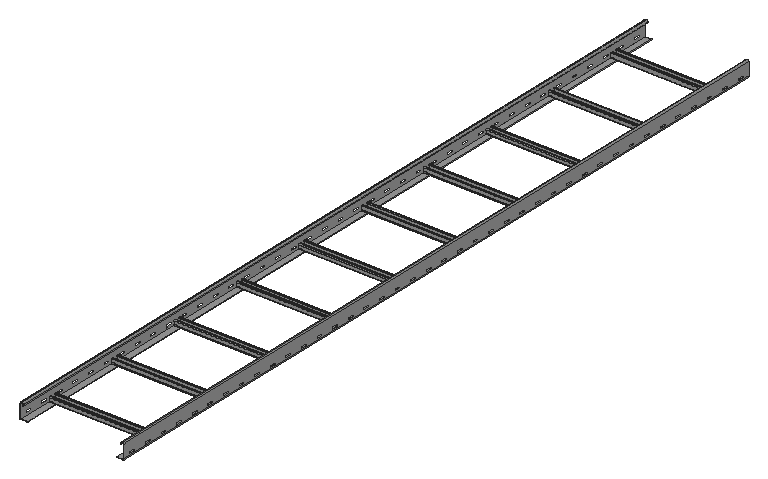
Revit family "LLIS 640 3 FS_FT Kabelleiter,gelocht", category Generic Models, Revit 2017
Family settings
  Can host rebar = No
  Round Connector Dimension = Use Diameter
  Part Type = Normal
  Work Plane-Based = No
  Always vertical = Yes
  Cut with Voids When Loaded = No
  Shared = No
  Room Calculation Point = No
Parameters (values of type "LLIS 640 3 FT")
  Width = 399.956 mm
  URL = "http://www.obo-bettermann.com"
  Material = Strip galvanised
  Manufacturer Art.No. = "6209574"
  Manufacturer = "OBO BETTERMANN"
  GTIN = "4012196773145"
  Cut's number 2 = 40
  Cut's number = 10
  Article Type = "LLIS 640 3 FT"
Reference planes
  plane 1 "Center (Front/Back)": y = 0
  plane 2: z = 0
  plane 3 "Center (Left/Right)": x = 0
  plane 4: x = 200
  plane 5: z = 60
  plane 6: x = 12
  plane 7: x = 188
  plane 8: z = 51
  plane 9: z = 51
  plane 10: z = 55.5
  plane 11: z = 55.5
  plane 12: y = 3000
  plane 13: y = 150
  plane 14: y = 135
  plane 15: y = 165
  plane 16: z = 19
  plane 17: x = -198.945
  plane 18: x = 196.315
  plane 19: x = 199
  plane 20: x = 199.967
  plane 21: x = -0.309
  plane 22: x = -196.174
  plane 23: y = 450
  plane 24: y = 435
  plane 25: y = 465
  plane 26: z = 19
  plane 27: y = 750
  plane 28: y = 735
  plane 29: y = 765
  plane 30: z = 19
  plane 31: y = 1050
  plane 32: y = 1035
  plane 33: y = 1065
  plane 34: z = 19
  plane 35: y = 1350
  plane 36: y = 1335
  plane 37: y = 1365
  plane 38: z = 19
  plane 39: y = 1650
  plane 40: y = 1635
  plane 41: y = 1665
  plane 42: z = 19
  plane 43: y = 1950
  plane 44: y = 1935
  plane 45: y = 1965
  plane 46: z = 19
  plane 47: y = 2250
  plane 48: y = 2235
  plane 49: y = 2265
  plane 50: z = 19
  plane 51: y = 2550
  plane 52: y = 2535
  plane 53: y = 2565
  plane 54: z = 19
  plane 55: y = 2850
  plane 56: y = 2835
  plane 57: y = 2865
  plane 58: z = 19
  plane 59: x = 199
  plane 60: x = -198.935
  plane 61: z = 14
  plane 62: y = 37.5
  plane 63: z = 14
  plane 64: y = 112.5
  plane 65: z = 14
  plane 66: y = 187.5
  plane 67: z = 14
  plane 68: y = 262.5
  plane 69: z = 14
  plane 70: y = 337.5
  plane 71: z = 14
  plane 72: y = 412.5
  plane 73: z = 14
  plane 74: y = 487.5
  plane 75: z = 14
  plane 76: y = 562.5
  plane 77: z = 14
  plane 78: y = 637.5
  plane 79: z = 14
  plane 80: y = 712.5
  plane 81: z = 14
  plane 82: y = 787.5
  plane 83: z = 14
  plane 84: y = 862.5
  plane 85: z = 14
  plane 86: y = 937.5
  plane 87: z = 14
  plane 88: y = 1012.5
  plane 89: z = 14
  plane 90: y = 1087.5
  plane 91: z = 14
  plane 92: y = 1162.5
  plane 93: z = 14
  plane 94: y = 1237.5
  plane 95: z = 14
  plane 96: y = 1312.5
  plane 97: z = 14
  plane 98: y = 1387.5
  plane 99: z = 14
  plane 100: y = 1462.5
  plane 101: z = 14
  plane 102: y = 1537.5
  plane 103: z = 14
  plane 104: y = 1612.5
  plane 105: z = 14
  plane 106: y = 1687.5
  plane 107: z = 14
  plane 108: y = 1762.5
  plane 109: z = 14
  plane 110: y = 1837.5
  plane 111: z = 14
  plane 112: y = 1912.5
  plane 113: z = 14
  plane 114: y = 1987.5
  plane 115: z = 14
  plane 116: y = 2062.5
  plane 117: z = 14
  plane 118: y = 2137.5
  plane 119: z = 14
  plane 120: y = 2212.5
  plane 121: z = 14
  plane 122: y = 2287.5
  plane 123: z = 14
  plane 124: y = 2362.5
  plane 125: z = 14
  plane 126: y = 2437.5
  plane 127: z = 14
  plane 128: y = 2512.5
  plane 129: z = 14
  plane 130: y = 2587.5
  plane 131: z = 14
  plane 132: y = 2662.5
  plane 133: z = 14
  plane 134: y = 2737.5
  plane 135: z = 14
  plane 136: y = 2812.5
  plane 137: z = 14
  plane 138: y = 2887.5
  plane 139: z = 14
  plane 140: y = 2962.5
  plane 141: z = 14
  plane 142: y = 37.5
  plane 143: z = 14
  plane 144: y = 112.5
  plane 145: z = 14
  plane 146: y = 187.5
  plane 147: z = 14
  plane 148: y = 262.5
  plane 149: z = 14
  plane 150: y = 337.5
  plane 151: z = 14
  plane 152: y = 412.5
  plane 153: z = 14
  plane 154: y = 487.5
  plane 155: z = 14
  plane 156: y = 562.5
  plane 157: z = 14
  plane 158: y = 637.5
  plane 159: z = 14
  plane 160: y = 712.5
  plane 161: z = 14
  plane 162: y = 787.5
  plane 163: z = 14
  plane 164: y = 862.5
  plane 165: z = 14
  plane 166: y = 937.5
  plane 167: z = 14
  plane 168: y = 1012.5
  plane 169: z = 14
  plane 170: y = 1087.5
  plane 171: z = 14
  plane 172: y = 1162.5
  plane 173: z = 14
  plane 174: y = 1237.5
  plane 175: z = 14
  plane 176: y = 1312.5
  plane 177: z = 14
  plane 178: y = 1387.5
  plane 179: z = 14
  plane 180: y = 1462.5
  plane 181: z = 14
  plane 182: y = 1537.5
  plane 183: z = 14
  plane 184: y = 1612.5
  plane 185: z = 14
  plane 186: y = 1687.5
  plane 187: z = 14
  plane 188: y = 1762.5
  plane 189: z = 14
  plane 190: y = 1837.5
  plane 191: z = 14
  plane 192: y = 1912.5
  plane 193: z = 14
  plane 194: y = 1987.5
  plane 195: z = 14
  plane 196: y = 2062.5
  plane 197: z = 14
  plane 198: y = 2137.5
  plane 199: z = 14
  plane 200: y = 2212.5
  plane 201: z = 14
  plane 202: y = 2287.5
  plane 203: z = 14
  plane 204: y = 2362.5
  plane 205: z = 14
  plane 206: y = 2437.5
  plane 207: z = 14
  plane 208: y = 2512.5
  plane 209: z = 14
  plane 210: y = 2587.5
  plane 211: z = 14
  plane 212: y = 2662.5
  plane 213: z = 14
  plane 214: y = 2737.5
  plane 215: z = 14
  plane 216: y = 2812.5
  plane 217: z = 14
  plane 218: y = 2887.5
  plane 219: z = 14
  plane 220: y = 2962.5
Forms (mm)
  Extrusion 1, solid, material "Strip galvanised" <- "Material"
    sketch origin (0, 0, 0) x (1, 0, 0) y (0, 0, 1)
      loop
        line (-199.956, 54.006) -> (-199.956, 2)
        arc (-199.956, 2) -> (-199.37, 0.586) -> (-197.956, 0) r 2
        line (-197.956, 0) -> (-172.981, 0) -> (-172.981, 1) -> (-197.956, 1)
        arc (-197.956, 1) -> (-198.663, 1.293) -> (-198.956, 2) r 1
        line (-198.956, 2) -> (-198.956, 54.006)
        arc (-198.956, 54.006) -> (-193.956, 59.006) -> (-188.956, 54.006) r 5
        line (-188.956, 54.006) -> (-188.956, 51) -> (-187.956, 51) -> (-187.956, 54.006)
        arc (-187.956, 54.006) -> (-193.956, 60.006) -> (-199.956, 54.006) r 6
      loop
        line (200, 2) -> (200, 53.941)
        arc (200, 53.941) -> (194, 59.941) -> (188, 53.941) r 6
        line (188, 53.941) -> (188, 51) -> (189, 51) -> (189, 53.941)
        arc (189, 53.941) -> (194, 58.941) -> (199, 53.941) r 5
        line (199, 53.941) -> (199, 2)
        arc (199, 2) -> (198.707, 1.293) -> (198, 1) r 1
        line (198, 1) -> (172.972, 1) -> (172.972, 0) -> (198, 0)
        arc (198, 0) -> (199.414, 0.586) -> (200, 2) r 2
    from 0 to -3000
  Extrusion 2, solid, material "Strip galvanised" <- "Material"
    sketch origin (0.065, 0, 0) x (0, 1, 0) y (0, 0, 1)
      loop
        line (137, 1) -> (163, 1)
        arc (163, 1) -> (164.414, 1.586) -> (165, 3) r 2
        line (165, 3) -> (165, 17)
        arc (165, 17) -> (164.414, 18.414) -> (163, 19) r 2
        line (163, 19) -> (158.5, 19) -> (158.5, 18) -> (163, 18)
        arc (163, 18) -> (163.707, 17.707) -> (164, 17) r 1
        line (164, 17) -> (164, 3)
        arc (164, 3) -> (163.707, 2.293) -> (163, 2) r 1
        line (163, 2) -> (137, 2)
        arc (137, 2) -> (136.293, 2.293) -> (136, 3) r 1
        line (136, 3) -> (136, 17)
        arc (136, 17) -> (136.293, 17.707) -> (137, 18) r 1
        line (137, 18) -> (141.517, 18) -> (141.517, 19) -> (137, 19)
        arc (137, 19) -> (135.586, 18.414) -> (135, 17) r 2
        line (135, 17) -> (135, 3)
        arc (135, 3) -> (135.586, 1.586) -> (137, 1) r 2
    from -196.239 to 196.25
  Extrusion 3, solid, material "Strip galvanised" <- "Material"
    sketch origin (0.065, 300, 0) x (0, 1, 0) y (0, 0, 1)
      loop
        line (137, 1) -> (163, 1)
        arc (163, 1) -> (164.414, 1.586) -> (165, 3) r 2
        line (165, 3) -> (165, 17)
        arc (165, 17) -> (164.414, 18.414) -> (163, 19) r 2
        line (163, 19) -> (158.5, 19) -> (158.5, 18) -> (163, 18)
        arc (163, 18) -> (163.707, 17.707) -> (164, 17) r 1
        line (164, 17) -> (164, 3)
        arc (164, 3) -> (163.707, 2.293) -> (163, 2) r 1
        line (163, 2) -> (137, 2)
        arc (137, 2) -> (136.293, 2.293) -> (136, 3) r 1
        line (136, 3) -> (136, 17)
        arc (136, 17) -> (136.293, 17.707) -> (137, 18) r 1
        line (137, 18) -> (141.517, 18) -> (141.517, 19) -> (137, 19)
        arc (137, 19) -> (135.586, 18.414) -> (135, 17) r 2
        line (135, 17) -> (135, 3)
        arc (135, 3) -> (135.586, 1.586) -> (137, 1) r 2
    from -196.239 to 196.25
  Extrusion 4, solid, material "Strip galvanised" <- "Material"
    sketch origin (0.065, 600, 0) x (0, 1, 0) y (0, 0, 1)
      loop
        line (137, 1) -> (163, 1)
        arc (163, 1) -> (164.414, 1.586) -> (165, 3) r 2
        line (165, 3) -> (165, 17)
        arc (165, 17) -> (164.414, 18.414) -> (163, 19) r 2
        line (163, 19) -> (158.5, 19) -> (158.5, 18) -> (163, 18)
        arc (163, 18) -> (163.707, 17.707) -> (164, 17) r 1
        line (164, 17) -> (164, 3)
        arc (164, 3) -> (163.707, 2.293) -> (163, 2) r 1
        line (163, 2) -> (137, 2)
        arc (137, 2) -> (136.293, 2.293) -> (136, 3) r 1
        line (136, 3) -> (136, 17)
        arc (136, 17) -> (136.293, 17.707) -> (137, 18) r 1
        line (137, 18) -> (141.517, 18) -> (141.517, 19) -> (137, 19)
        arc (137, 19) -> (135.586, 18.414) -> (135, 17) r 2
        line (135, 17) -> (135, 3)
        arc (135, 3) -> (135.586, 1.586) -> (137, 1) r 2
    from -196.239 to 196.25
  Extrusion 5, solid, material "Strip galvanised" <- "Material"
    sketch origin (0.065, 900, 0) x (0, 1, 0) y (0, 0, 1)
      loop
        line (137, 1) -> (163, 1)
        arc (163, 1) -> (164.414, 1.586) -> (165, 3) r 2
        line (165, 3) -> (165, 17)
        arc (165, 17) -> (164.414, 18.414) -> (163, 19) r 2
        line (163, 19) -> (158.5, 19) -> (158.5, 18) -> (163, 18)
        arc (163, 18) -> (163.707, 17.707) -> (164, 17) r 1
        line (164, 17) -> (164, 3)
        arc (164, 3) -> (163.707, 2.293) -> (163, 2) r 1
        line (163, 2) -> (137, 2)
        arc (137, 2) -> (136.293, 2.293) -> (136, 3) r 1
        line (136, 3) -> (136, 17)
        arc (136, 17) -> (136.293, 17.707) -> (137, 18) r 1
        line (137, 18) -> (141.517, 18) -> (141.517, 19) -> (137, 19)
        arc (137, 19) -> (135.586, 18.414) -> (135, 17) r 2
        line (135, 17) -> (135, 3)
        arc (135, 3) -> (135.586, 1.586) -> (137, 1) r 2
    from -196.239 to 196.25
  Extrusion 6, solid, material "Strip galvanised" <- "Material"
    sketch origin (0.065, 1200, 0) x (0, 1, 0) y (0, 0, 1)
      loop
        line (137, 1) -> (163, 1)
        arc (163, 1) -> (164.414, 1.586) -> (165, 3) r 2
        line (165, 3) -> (165, 17)
        arc (165, 17) -> (164.414, 18.414) -> (163, 19) r 2
        line (163, 19) -> (158.5, 19) -> (158.5, 18) -> (163, 18)
        arc (163, 18) -> (163.707, 17.707) -> (164, 17) r 1
        line (164, 17) -> (164, 3)
        arc (164, 3) -> (163.707, 2.293) -> (163, 2) r 1
        line (163, 2) -> (137, 2)
        arc (137, 2) -> (136.293, 2.293) -> (136, 3) r 1
        line (136, 3) -> (136, 17)
        arc (136, 17) -> (136.293, 17.707) -> (137, 18) r 1
        line (137, 18) -> (141.517, 18) -> (141.517, 19) -> (137, 19)
        arc (137, 19) -> (135.586, 18.414) -> (135, 17) r 2
        line (135, 17) -> (135, 3)
        arc (135, 3) -> (135.586, 1.586) -> (137, 1) r 2
    from -196.239 to 196.25
  Extrusion 7, solid, material "Strip galvanised" <- "Material"
    sketch origin (0.065, 1500, 0) x (0, 1, 0) y (0, 0, 1)
      loop
        line (137, 1) -> (163, 1)
        arc (163, 1) -> (164.414, 1.586) -> (165, 3) r 2
        line (165, 3) -> (165, 17)
        arc (165, 17) -> (164.414, 18.414) -> (163, 19) r 2
        line (163, 19) -> (158.5, 19) -> (158.5, 18) -> (163, 18)
        arc (163, 18) -> (163.707, 17.707) -> (164, 17) r 1
        line (164, 17) -> (164, 3)
        arc (164, 3) -> (163.707, 2.293) -> (163, 2) r 1
        line (163, 2) -> (137, 2)
        arc (137, 2) -> (136.293, 2.293) -> (136, 3) r 1
        line (136, 3) -> (136, 17)
        arc (136, 17) -> (136.293, 17.707) -> (137, 18) r 1
        line (137, 18) -> (141.517, 18) -> (141.517, 19) -> (137, 19)
        arc (137, 19) -> (135.586, 18.414) -> (135, 17) r 2
        line (135, 17) -> (135, 3)
        arc (135, 3) -> (135.586, 1.586) -> (137, 1) r 2
    from -196.239 to 196.25
  Extrusion 8, solid, material "Strip galvanised" <- "Material"
    sketch origin (0.065, 1800, 0) x (0, 1, 0) y (0, 0, 1)
      loop
        line (137, 1) -> (163, 1)
        arc (163, 1) -> (164.414, 1.586) -> (165, 3) r 2
        line (165, 3) -> (165, 17)
        arc (165, 17) -> (164.414, 18.414) -> (163, 19) r 2
        line (163, 19) -> (158.5, 19) -> (158.5, 18) -> (163, 18)
        arc (163, 18) -> (163.707, 17.707) -> (164, 17) r 1
        line (164, 17) -> (164, 3)
        arc (164, 3) -> (163.707, 2.293) -> (163, 2) r 1
        line (163, 2) -> (137, 2)
        arc (137, 2) -> (136.293, 2.293) -> (136, 3) r 1
        line (136, 3) -> (136, 17)
        arc (136, 17) -> (136.293, 17.707) -> (137, 18) r 1
        line (137, 18) -> (141.517, 18) -> (141.517, 19) -> (137, 19)
        arc (137, 19) -> (135.586, 18.414) -> (135, 17) r 2
        line (135, 17) -> (135, 3)
        arc (135, 3) -> (135.586, 1.586) -> (137, 1) r 2
    from -196.239 to 196.25
  Extrusion 9, solid, material "Strip galvanised" <- "Material"
    sketch origin (0.065, 2100, 0) x (0, 1, 0) y (0, 0, 1)
      loop
        line (137, 1) -> (163, 1)
        arc (163, 1) -> (164.414, 1.586) -> (165, 3) r 2
        line (165, 3) -> (165, 17)
        arc (165, 17) -> (164.414, 18.414) -> (163, 19) r 2
        line (163, 19) -> (158.5, 19) -> (158.5, 18) -> (163, 18)
        arc (163, 18) -> (163.707, 17.707) -> (164, 17) r 1
        line (164, 17) -> (164, 3)
        arc (164, 3) -> (163.707, 2.293) -> (163, 2) r 1
        line (163, 2) -> (137, 2)
        arc (137, 2) -> (136.293, 2.293) -> (136, 3) r 1
        line (136, 3) -> (136, 17)
        arc (136, 17) -> (136.293, 17.707) -> (137, 18) r 1
        line (137, 18) -> (141.517, 18) -> (141.517, 19) -> (137, 19)
        arc (137, 19) -> (135.586, 18.414) -> (135, 17) r 2
        line (135, 17) -> (135, 3)
        arc (135, 3) -> (135.586, 1.586) -> (137, 1) r 2
    from -196.239 to 196.25
  Extrusion 10, solid, material "Strip galvanised" <- "Material"
    sketch origin (0.065, 2400, 0) x (0, 1, 0) y (0, 0, 1)
      loop
        line (137, 1) -> (163, 1)
        arc (163, 1) -> (164.414, 1.586) -> (165, 3) r 2
        line (165, 3) -> (165, 17)
        arc (165, 17) -> (164.414, 18.414) -> (163, 19) r 2
        line (163, 19) -> (158.5, 19) -> (158.5, 18) -> (163, 18)
        arc (163, 18) -> (163.707, 17.707) -> (164, 17) r 1
        line (164, 17) -> (164, 3)
        arc (164, 3) -> (163.707, 2.293) -> (163, 2) r 1
        line (163, 2) -> (137, 2)
        arc (137, 2) -> (136.293, 2.293) -> (136, 3) r 1
        line (136, 3) -> (136, 17)
        arc (136, 17) -> (136.293, 17.707) -> (137, 18) r 1
        line (137, 18) -> (141.517, 18) -> (141.517, 19) -> (137, 19)
        arc (137, 19) -> (135.586, 18.414) -> (135, 17) r 2
        line (135, 17) -> (135, 3)
        arc (135, 3) -> (135.586, 1.586) -> (137, 1) r 2
    from -196.239 to 196.25
  Extrusion 11, solid, material "Strip galvanised" <- "Material"
    sketch origin (0.065, 2700, 0) x (0, 1, 0) y (0, 0, 1)
      loop
        line (137, 1) -> (163, 1)
        arc (163, 1) -> (164.414, 1.586) -> (165, 3) r 2
        line (165, 3) -> (165, 17)
        arc (165, 17) -> (164.414, 18.414) -> (163, 19) r 2
        line (163, 19) -> (158.5, 19) -> (158.5, 18) -> (163, 18)
        arc (163, 18) -> (163.707, 17.707) -> (164, 17) r 1
        line (164, 17) -> (164, 3)
        arc (164, 3) -> (163.707, 2.293) -> (163, 2) r 1
        line (163, 2) -> (137, 2)
        arc (137, 2) -> (136.293, 2.293) -> (136, 3) r 1
        line (136, 3) -> (136, 17)
        arc (136, 17) -> (136.293, 17.707) -> (137, 18) r 1
        line (137, 18) -> (141.517, 18) -> (141.517, 19) -> (137, 19)
        arc (137, 19) -> (135.586, 18.414) -> (135, 17) r 2
        line (135, 17) -> (135, 3)
        arc (135, 3) -> (135.586, 1.586) -> (137, 1) r 2
    from -196.239 to 196.25
  Extrusion 12, void
    sketch origin (0, 0, 0) x (0, 1, 0) y (0, 0, 1)
      loop
        line (23.5, 18.5) -> (23.5, 9.5) -> (51.5, 9.5) -> (51.5, 18.5) -> (23.5, 18.5)
    from 198.968 to 200
  Extrusion 13, void
    sketch origin (0, 75, 0) x (0, 1, 0) y (0, 0, 1)
      loop
        line (23.5, 18.5) -> (23.5, 9.5) -> (51.5, 9.5) -> (51.5, 18.5) -> (23.5, 18.5)
    from 198.968 to 200
  Extrusion 14, void
    sketch origin (0, 150, 0) x (0, 1, 0) y (0, 0, 1)
      loop
        line (23.5, 18.5) -> (23.5, 9.5) -> (51.5, 9.5) -> (51.5, 18.5) -> (23.5, 18.5)
    from 198.968 to 200
  Extrusion 15, void
    sketch origin (0, 225, 0) x (0, 1, 0) y (0, 0, 1)
      loop
        line (23.5, 18.5) -> (23.5, 9.5) -> (51.5, 9.5) -> (51.5, 18.5) -> (23.5, 18.5)
    from 198.968 to 200
  Extrusion 16, void
    sketch origin (0, 300, 0) x (0, 1, 0) y (0, 0, 1)
      loop
        line (23.5, 18.5) -> (23.5, 9.5) -> (51.5, 9.5) -> (51.5, 18.5) -> (23.5, 18.5)
    from 198.968 to 200
  Extrusion 17, void
    sketch origin (0, 375, 0) x (0, 1, 0) y (0, 0, 1)
      loop
        line (23.5, 18.5) -> (23.5, 9.5) -> (51.5, 9.5) -> (51.5, 18.5) -> (23.5, 18.5)
    from 198.968 to 200
  Extrusion 18, void
    sketch origin (0, 450, 0) x (0, 1, 0) y (0, 0, 1)
      loop
        line (23.5, 18.5) -> (23.5, 9.5) -> (51.5, 9.5) -> (51.5, 18.5) -> (23.5, 18.5)
    from 198.968 to 200
  Extrusion 19, void
    sketch origin (0, 525, 0) x (0, 1, 0) y (0, 0, 1)
      loop
        line (23.5, 18.5) -> (23.5, 9.5) -> (51.5, 9.5) -> (51.5, 18.5) -> (23.5, 18.5)
    from 198.968 to 200
  Extrusion 20, void
    sketch origin (0, 600, 0) x (0, 1, 0) y (0, 0, 1)
      loop
        line (23.5, 18.5) -> (23.5, 9.5) -> (51.5, 9.5) -> (51.5, 18.5) -> (23.5, 18.5)
    from 198.968 to 200
  Extrusion 21, void
    sketch origin (0, 675, 0) x (0, 1, 0) y (0, 0, 1)
      loop
        line (23.5, 18.5) -> (23.5, 9.5) -> (51.5, 9.5) -> (51.5, 18.5) -> (23.5, 18.5)
    from 198.968 to 200
  Extrusion 22, void
    sketch origin (0, 750, 0) x (0, 1, 0) y (0, 0, 1)
      loop
        line (23.5, 18.5) -> (23.5, 9.5) -> (51.5, 9.5) -> (51.5, 18.5) -> (23.5, 18.5)
    from 198.968 to 200
  Extrusion 23, void
    sketch origin (0, 825, 0) x (0, 1, 0) y (0, 0, 1)
      loop
        line (23.5, 18.5) -> (23.5, 9.5) -> (51.5, 9.5) -> (51.5, 18.5) -> (23.5, 18.5)
    from 198.968 to 200
  Extrusion 24, void
    sketch origin (0, 900, 0) x (0, 1, 0) y (0, 0, 1)
      loop
        line (23.5, 18.5) -> (23.5, 9.5) -> (51.5, 9.5) -> (51.5, 18.5) -> (23.5, 18.5)
    from 198.968 to 200
  Extrusion 25, void
    sketch origin (0, 975, 0) x (0, 1, 0) y (0, 0, 1)
      loop
        line (23.5, 18.5) -> (23.5, 9.5) -> (51.5, 9.5) -> (51.5, 18.5) -> (23.5, 18.5)
    from 198.968 to 200
  Extrusion 26, void
    sketch origin (0, 1050, 0) x (0, 1, 0) y (0, 0, 1)
      loop
        line (23.5, 18.5) -> (23.5, 9.5) -> (51.5, 9.5) -> (51.5, 18.5) -> (23.5, 18.5)
    from 198.968 to 200
  Extrusion 27, void
    sketch origin (0, 1125, 0) x (0, 1, 0) y (0, 0, 1)
      loop
        line (23.5, 18.5) -> (23.5, 9.5) -> (51.5, 9.5) -> (51.5, 18.5) -> (23.5, 18.5)
    from 198.968 to 200
  Extrusion 28, void
    sketch origin (0, 1200, 0) x (0, 1, 0) y (0, 0, 1)
      loop
        line (23.5, 18.5) -> (23.5, 9.5) -> (51.5, 9.5) -> (51.5, 18.5) -> (23.5, 18.5)
    from 198.968 to 200
  Extrusion 29, void
    sketch origin (0, 1275, 0) x (0, 1, 0) y (0, 0, 1)
      loop
        line (23.5, 18.5) -> (23.5, 9.5) -> (51.5, 9.5) -> (51.5, 18.5) -> (23.5, 18.5)
    from 198.968 to 200
  Extrusion 30, void
    sketch origin (0, 1350, 0) x (0, 1, 0) y (0, 0, 1)
      loop
        line (23.5, 18.5) -> (23.5, 9.5) -> (51.5, 9.5) -> (51.5, 18.5) -> (23.5, 18.5)
    from 198.968 to 200
  Extrusion 31, void
    sketch origin (0, 1425, 0) x (0, 1, 0) y (0, 0, 1)
      loop
        line (23.5, 18.5) -> (23.5, 9.5) -> (51.5, 9.5) -> (51.5, 18.5) -> (23.5, 18.5)
    from 198.968 to 200
  Extrusion 32, void
    sketch origin (0, 1500, 0) x (0, 1, 0) y (0, 0, 1)
      loop
        line (23.5, 18.5) -> (23.5, 9.5) -> (51.5, 9.5) -> (51.5, 18.5) -> (23.5, 18.5)
    from 198.968 to 200
  Extrusion 33, void
    sketch origin (0, 1575, 0) x (0, 1, 0) y (0, 0, 1)
      loop
        line (23.5, 18.5) -> (23.5, 9.5) -> (51.5, 9.5) -> (51.5, 18.5) -> (23.5, 18.5)
    from 198.968 to 200
  Extrusion 34, void
    sketch origin (0, 1650, 0) x (0, 1, 0) y (0, 0, 1)
      loop
        line (23.5, 18.5) -> (23.5, 9.5) -> (51.5, 9.5) -> (51.5, 18.5) -> (23.5, 18.5)
    from 198.968 to 200
  Extrusion 35, void
    sketch origin (0, 1725, 0) x (0, 1, 0) y (0, 0, 1)
      loop
        line (23.5, 18.5) -> (23.5, 9.5) -> (51.5, 9.5) -> (51.5, 18.5) -> (23.5, 18.5)
    from 198.968 to 200
  Extrusion 36, void
    sketch origin (0, 1800, 0) x (0, 1, 0) y (0, 0, 1)
      loop
        line (23.5, 18.5) -> (23.5, 9.5) -> (51.5, 9.5) -> (51.5, 18.5) -> (23.5, 18.5)
    from 198.968 to 200
  Extrusion 37, void
    sketch origin (0, 1875, 0) x (0, 1, 0) y (0, 0, 1)
      loop
        line (23.5, 18.5) -> (23.5, 9.5) -> (51.5, 9.5) -> (51.5, 18.5) -> (23.5, 18.5)
    from 198.968 to 200
  Extrusion 38, void
    sketch origin (0, 1950, 0) x (0, 1, 0) y (0, 0, 1)
      loop
        line (23.5, 18.5) -> (23.5, 9.5) -> (51.5, 9.5) -> (51.5, 18.5) -> (23.5, 18.5)
    from 198.968 to 200
  Extrusion 39, void
    sketch origin (0, 2025, 0) x (0, 1, 0) y (0, 0, 1)
      loop
        line (23.5, 18.5) -> (23.5, 9.5) -> (51.5, 9.5) -> (51.5, 18.5) -> (23.5, 18.5)
    from 198.968 to 200
  Extrusion 40, void
    sketch origin (0, 2100, 0) x (0, 1, 0) y (0, 0, 1)
      loop
        line (23.5, 18.5) -> (23.5, 9.5) -> (51.5, 9.5) -> (51.5, 18.5) -> (23.5, 18.5)
    from 198.968 to 200
  Extrusion 41, void
    sketch origin (0, 2175, 0) x (0, 1, 0) y (0, 0, 1)
      loop
        line (23.5, 18.5) -> (23.5, 9.5) -> (51.5, 9.5) -> (51.5, 18.5) -> (23.5, 18.5)
    from 198.968 to 200
  Extrusion 42, void
    sketch origin (0, 2250, 0) x (0, 1, 0) y (0, 0, 1)
      loop
        line (23.5, 18.5) -> (23.5, 9.5) -> (51.5, 9.5) -> (51.5, 18.5) -> (23.5, 18.5)
    from 198.968 to 200
  Extrusion 43, void
    sketch origin (0, 2325, 0) x (0, 1, 0) y (0, 0, 1)
      loop
        line (23.5, 18.5) -> (23.5, 9.5) -> (51.5, 9.5) -> (51.5, 18.5) -> (23.5, 18.5)
    from 198.968 to 200
  Extrusion 44, void
    sketch origin (0, 2400, 0) x (0, 1, 0) y (0, 0, 1)
      loop
        line (23.5, 18.5) -> (23.5, 9.5) -> (51.5, 9.5) -> (51.5, 18.5) -> (23.5, 18.5)
    from 198.968 to 200
  Extrusion 45, void
    sketch origin (0, 2475, 0) x (0, 1, 0) y (0, 0, 1)
      loop
        line (23.5, 18.5) -> (23.5, 9.5) -> (51.5, 9.5) -> (51.5, 18.5) -> (23.5, 18.5)
    from 198.968 to 200
  Extrusion 46, void
    sketch origin (0, 2550, 0) x (0, 1, 0) y (0, 0, 1)
      loop
        line (23.5, 18.5) -> (23.5, 9.5) -> (51.5, 9.5) -> (51.5, 18.5) -> (23.5, 18.5)
    from 198.968 to 200
  Extrusion 47, void
    sketch origin (0, 2625, 0) x (0, 1, 0) y (0, 0, 1)
      loop
        line (23.5, 18.5) -> (23.5, 9.5) -> (51.5, 9.5) -> (51.5, 18.5) -> (23.5, 18.5)
    from 198.968 to 200
  Extrusion 48, void
    sketch origin (0, 2700, 0) x (0, 1, 0) y (0, 0, 1)
      loop
        line (23.5, 18.5) -> (23.5, 9.5) -> (51.5, 9.5) -> (51.5, 18.5) -> (23.5, 18.5)
    from 198.968 to 200
  Extrusion 49, void
    sketch origin (0, 2775, 0) x (0, 1, 0) y (0, 0, 1)
      loop
        line (23.5, 18.5) -> (23.5, 9.5) -> (51.5, 9.5) -> (51.5, 18.5) -> (23.5, 18.5)
    from 198.968 to 200
  Extrusion 50, void
    sketch origin (0, 2850, 0) x (0, 1, 0) y (0, 0, 1)
      loop
        line (23.5, 18.5) -> (23.5, 9.5) -> (51.5, 9.5) -> (51.5, 18.5) -> (23.5, 18.5)
    from 198.968 to 200
  Extrusion 51, void
    sketch origin (0, 2925, 0) x (0, 1, 0) y (0, 0, 1)
      loop
        line (23.5, 18.5) -> (23.5, 9.5) -> (51.5, 9.5) -> (51.5, 18.5) -> (23.5, 18.5)
    from 198.968 to 200
  Extrusion 52, void
    sketch origin (-0.021, 0, 0) x (0, 1, 0) y (0, 0, 1)
      loop
        line (51.5, 18.5) -> (23.5, 18.5) -> (23.5, 9.5) -> (51.5, 9.5) -> (51.5, 18.5)
    from -199.935 to -198.935
  Extrusion 53, void
    sketch origin (-0.021, 75, 0) x (0, 1, 0) y (0, 0, 1)
      loop
        line (51.5, 18.5) -> (23.5, 18.5) -> (23.5, 9.5) -> (51.5, 9.5) -> (51.5, 18.5)
    from -199.935 to -198.935
  Extrusion 54, void
    sketch origin (-0.02, 150, 0) x (0, 1, 0) y (0, 0, 1)
      loop
        line (51.5, 18.5) -> (23.5, 18.5) -> (23.5, 9.5) -> (51.5, 9.5) -> (51.5, 18.5)
    from -199.935 to -198.935
  Extrusion 55, void
    sketch origin (-0.02, 225, 0) x (0, 1, 0) y (0, 0, 1)
      loop
        line (51.5, 18.5) -> (23.5, 18.5) -> (23.5, 9.5) -> (51.5, 9.5) -> (51.5, 18.5)
    from -199.935 to -198.935
  Extrusion 56, void
    sketch origin (-0.019, 300, 0) x (0, 1, 0) y (0, 0, 1)
      loop
        line (51.5, 18.5) -> (23.5, 18.5) -> (23.5, 9.5) -> (51.5, 9.5) -> (51.5, 18.5)
    from -199.935 to -198.935
  Extrusion 57, void
    sketch origin (-0.018, 375, 0) x (0, 1, 0) y (0, 0, 1)
      loop
        line (51.5, 18.5) -> (23.5, 18.5) -> (23.5, 9.5) -> (51.5, 9.5) -> (51.5, 18.5)
    from -199.935 to -198.935
  Extrusion 58, void
    sketch origin (-0.018, 450, 0) x (0, 1, 0) y (0, 0, 1)
      loop
        line (51.5, 18.5) -> (23.5, 18.5) -> (23.5, 9.5) -> (51.5, 9.5) -> (51.5, 18.5)
    from -199.935 to -198.935
  Extrusion 59, void
    sketch origin (-0.017, 525, 0) x (0, 1, 0) y (0, 0, 1)
      loop
        line (51.5, 18.5) -> (23.5, 18.5) -> (23.5, 9.5) -> (51.5, 9.5) -> (51.5, 18.5)
    from -199.935 to -198.935
  Extrusion 60, void
    sketch origin (-0.017, 600, 0) x (0, 1, 0) y (0, 0, 1)
      loop
        line (51.5, 18.5) -> (23.5, 18.5) -> (23.5, 9.5) -> (51.5, 9.5) -> (51.5, 18.5)
    from -199.935 to -198.935
  Extrusion 61, void
    sketch origin (-0.016, 675, 0) x (0, 1, 0) y (0, 0, 1)
      loop
        line (51.5, 18.5) -> (23.5, 18.5) -> (23.5, 9.5) -> (51.5, 9.5) -> (51.5, 18.5)
    from -199.935 to -198.935
  Extrusion 62, void
    sketch origin (-0.016, 750, 0) x (0, 1, 0) y (0, 0, 1)
      loop
        line (51.5, 18.5) -> (23.5, 18.5) -> (23.5, 9.5) -> (51.5, 9.5) -> (51.5, 18.5)
    from -199.935 to -198.935
  Extrusion 63, void
    sketch origin (-0.015, 825, 0) x (0, 1, 0) y (0, 0, 1)
      loop
        line (51.5, 18.5) -> (23.5, 18.5) -> (23.5, 9.5) -> (51.5, 9.5) -> (51.5, 18.5)
    from -199.935 to -198.935
  Extrusion 64, void
    sketch origin (-0.015, 900, 0) x (0, 1, 0) y (0, 0, 1)
      loop
        line (51.5, 18.5) -> (23.5, 18.5) -> (23.5, 9.5) -> (51.5, 9.5) -> (51.5, 18.5)
    from -199.935 to -198.935
  Extrusion 65, void
    sketch origin (-0.014, 975, 0) x (0, 1, 0) y (0, 0, 1)
      loop
        line (51.5, 18.5) -> (23.5, 18.5) -> (23.5, 9.5) -> (51.5, 9.5) -> (51.5, 18.5)
    from -199.935 to -198.935
  Extrusion 66, void
    sketch origin (-0.014, 1050, 0) x (0, 1, 0) y (0, 0, 1)
      loop
        line (51.5, 18.5) -> (23.5, 18.5) -> (23.5, 9.5) -> (51.5, 9.5) -> (51.5, 18.5)
    from -199.935 to -198.935
  Extrusion 67, void
    sketch origin (-0.013, 1125, 0) x (0, 1, 0) y (0, 0, 1)
      loop
        line (51.5, 18.5) -> (23.5, 18.5) -> (23.5, 9.5) -> (51.5, 9.5) -> (51.5, 18.5)
    from -199.935 to -198.935
  Extrusion 68, void
    sketch origin (-0.013, 1200, 0) x (0, 1, 0) y (0, 0, 1)
      loop
        line (51.5, 18.5) -> (23.5, 18.5) -> (23.5, 9.5) -> (51.5, 9.5) -> (51.5, 18.5)
    from -199.935 to -198.935
  Extrusion 69, void
    sketch origin (-0.012, 1275, 0) x (0, 1, 0) y (0, 0, 1)
      loop
        line (51.5, 18.5) -> (23.5, 18.5) -> (23.5, 9.5) -> (51.5, 9.5) -> (51.5, 18.5)
    from -199.935 to -198.935
  Extrusion 70, void
    sketch origin (-0.011, 1350, 0) x (0, 1, 0) y (0, 0, 1)
      loop
        line (51.5, 18.5) -> (23.5, 18.5) -> (23.5, 9.5) -> (51.5, 9.5) -> (51.5, 18.5)
    from -199.935 to -198.935
  Extrusion 71, void
    sketch origin (-0.011, 1425, 0) x (0, 1, 0) y (0, 0, 1)
      loop
        line (51.5, 18.5) -> (23.5, 18.5) -> (23.5, 9.5) -> (51.5, 9.5) -> (51.5, 18.5)
    from -199.935 to -198.935
  Extrusion 72, void
    sketch origin (-0.01, 1500, 0) x (0, 1, 0) y (0, 0, 1)
      loop
        line (51.5, 18.5) -> (23.5, 18.5) -> (23.5, 9.5) -> (51.5, 9.5) -> (51.5, 18.5)
    from -199.935 to -198.935
  Extrusion 73, void
    sketch origin (-0.01, 1575, 0) x (0, 1, 0) y (0, 0, 1)
      loop
        line (51.5, 18.5) -> (23.5, 18.5) -> (23.5, 9.5) -> (51.5, 9.5) -> (51.5, 18.5)
    from -199.935 to -198.935
  Extrusion 74, void
    sketch origin (-0.009, 1650, 0) x (0, 1, 0) y (0, 0, 1)
      loop
        line (51.5, 18.5) -> (23.5, 18.5) -> (23.5, 9.5) -> (51.5, 9.5) -> (51.5, 18.5)
    from -199.935 to -198.935
  Extrusion 75, void
    sketch origin (-0.009, 1725, 0) x (0, 1, 0) y (0, 0, 1)
      loop
        line (51.5, 18.5) -> (23.5, 18.5) -> (23.5, 9.5) -> (51.5, 9.5) -> (51.5, 18.5)
    from -199.935 to -198.935
  Extrusion 76, void
    sketch origin (-0.008, 1800, 0) x (0, 1, 0) y (0, 0, 1)
      loop
        line (51.5, 18.5) -> (23.5, 18.5) -> (23.5, 9.5) -> (51.5, 9.5) -> (51.5, 18.5)
    from -199.935 to -198.935
  Extrusion 77, void
    sketch origin (-0.008, 1875, 0) x (0, 1, 0) y (0, 0, 1)
      loop
        line (51.5, 18.5) -> (23.5, 18.5) -> (23.5, 9.5) -> (51.5, 9.5) -> (51.5, 18.5)
    from -199.935 to -198.935
  Extrusion 78, void
    sketch origin (-0.007, 1950, 0) x (0, 1, 0) y (0, 0, 1)
      loop
        line (51.5, 18.5) -> (23.5, 18.5) -> (23.5, 9.5) -> (51.5, 9.5) -> (51.5, 18.5)
    from -199.935 to -198.935
  Extrusion 79, void
    sketch origin (-0.007, 2025, 0) x (0, 1, 0) y (0, 0, 1)
      loop
        line (51.5, 18.5) -> (23.5, 18.5) -> (23.5, 9.5) -> (51.5, 9.5) -> (51.5, 18.5)
    from -199.935 to -198.935
  Extrusion 80, void
    sketch origin (-0.006, 2100, 0) x (0, 1, 0) y (0, 0, 1)
      loop
        line (51.5, 18.5) -> (23.5, 18.5) -> (23.5, 9.5) -> (51.5, 9.5) -> (51.5, 18.5)
    from -199.935 to -198.935
  Extrusion 81, void
    sketch origin (-0.005, 2175, 0) x (0, 1, 0) y (0, 0, 1)
      loop
        line (51.5, 18.5) -> (23.5, 18.5) -> (23.5, 9.5) -> (51.5, 9.5) -> (51.5, 18.5)
    from -199.935 to -198.935
  Extrusion 82, void
    sketch origin (-0.005, 2250, 0) x (0, 1, 0) y (0, 0, 1)
      loop
        line (51.5, 18.5) -> (23.5, 18.5) -> (23.5, 9.5) -> (51.5, 9.5) -> (51.5, 18.5)
    from -199.935 to -198.935
  Extrusion 83, void
    sketch origin (-0.004, 2325, 0) x (0, 1, 0) y (0, 0, 1)
      loop
        line (51.5, 18.5) -> (23.5, 18.5) -> (23.5, 9.5) -> (51.5, 9.5) -> (51.5, 18.5)
    from -199.935 to -198.935
  Extrusion 84, void
    sketch origin (-0.004, 2400, 0) x (0, 1, 0) y (0, 0, 1)
      loop
        line (51.5, 18.5) -> (23.5, 18.5) -> (23.5, 9.5) -> (51.5, 9.5) -> (51.5, 18.5)
    from -199.935 to -198.935
  Extrusion 85, void
    sketch origin (-0.003, 2475, 0) x (0, 1, 0) y (0, 0, 1)
      loop
        line (51.5, 18.5) -> (23.5, 18.5) -> (23.5, 9.5) -> (51.5, 9.5) -> (51.5, 18.5)
    from -199.935 to -198.935
  Extrusion 86, void
    sketch origin (-0.003, 2550, 0) x (0, 1, 0) y (0, 0, 1)
      loop
        line (51.5, 18.5) -> (23.5, 18.5) -> (23.5, 9.5) -> (51.5, 9.5) -> (51.5, 18.5)
    from -199.935 to -198.935
  Extrusion 87, void
    sketch origin (-0.002, 2625, 0) x (0, 1, 0) y (0, 0, 1)
      loop
        line (51.5, 18.5) -> (23.5, 18.5) -> (23.5, 9.5) -> (51.5, 9.5) -> (51.5, 18.5)
    from -199.935 to -198.935
  Extrusion 88, void
    sketch origin (-0.002, 2700, 0) x (0, 1, 0) y (0, 0, 1)
      loop
        line (51.5, 18.5) -> (23.5, 18.5) -> (23.5, 9.5) -> (51.5, 9.5) -> (51.5, 18.5)
    from -199.935 to -198.935
  Extrusion 89, void
    sketch origin (-0.001, 2775, 0) x (0, 1, 0) y (0, 0, 1)
      loop
        line (51.5, 18.5) -> (23.5, 18.5) -> (23.5, 9.5) -> (51.5, 9.5) -> (51.5, 18.5)
    from -199.935 to -198.935
  Extrusion 90, void
    sketch origin (-0.001, 2850, 0) x (0, 1, 0) y (0, 0, 1)
      loop
        line (51.5, 18.5) -> (23.5, 18.5) -> (23.5, 9.5) -> (51.5, 9.5) -> (51.5, 18.5)
    from -199.935 to -198.935
  Extrusion 91, void
    sketch origin (0, 2925, 0) x (0, 1, 0) y (0, 0, 1)
      loop
        line (51.5, 18.5) -> (23.5, 18.5) -> (23.5, 9.5) -> (51.5, 9.5) -> (51.5, 18.5)
    from -199.935 to -198.935
Cuts and joins
  Extrusion 12, Extrusion 13, Extrusion 14, Extrusion 15, Extrusion 16, Extrusion 17, Extrusion 18, Extrusion 19, Extrusion 20, Extrusion 21, Extrusion 22, Extrusion 23, Extrusion 24, Extrusion 25, Extrusion 26, Extrusion 27, Extrusion 28, Extrusion 29, Extrusion 30, Extrusion 31, Extrusion 32, Extrusion 33, Extrusion 34, Extrusion 35, Extrusion 36, Extrusion 37, Extrusion 38, Extrusion 39, Extrusion 40, Extrusion 41, Extrusion 42, Extrusion 43, Extrusion 44, Extrusion 45, Extrusion 46, Extrusion 47, Extrusion 48, Extrusion 49, Extrusion 50, Extrusion 51, Extrusion 52, Extrusion 53, Extrusion 54, Extrusion 55, Extrusion 56, Extrusion 57, Extrusion 58, Extrusion 59, Extrusion 60, Extrusion 61, Extrusion 62, Extrusion 63, Extrusion 64, Extrusion 65, Extrusion 66, Extrusion 67, Extrusion 68, Extrusion 69, Extrusion 70, Extrusion 71, Extrusion 72, Extrusion 73, Extrusion 74, Extrusion 75, Extrusion 76, Extrusion 77, Extrusion 78, Extrusion 79, Extrusion 80, Extrusion 81, Extrusion 82, Extrusion 83, Extrusion 84, Extrusion 85, Extrusion 86, Extrusion 87, Extrusion 88, Extrusion 89, Extrusion 90, Extrusion 91 cuts Extrusion 1
Dimensions and locks
  locked: Extrusion 1 sketch curve to Extrusion 1 sketch curve at 1  (x4)
  locked: Extrusion 1 sketch curve to Extrusion 1 sketch curve at 12  (x2)
  locked: Extrusion 1 sketch curve to Extrusion 1 sketch curve at 8.941
  Extrusion 1 sketch curve to Extrusion 1 sketch curve = 10 mm
  locked: Extrusion 1 sketch curve to Extrusion 1 sketch curve at 10
  locked: Extrusion 1 sketch curve to Extrusion 1 sketch curve at 51  (x2)
  "Width": Extrusion 1 to Extrusion 1
  Extrusion 1 sketch curve to Extrusion 1 sketch curve = 12 mm
  locked: Extrusion 1 sketch curve to Extrusion 1 sketch curve at 26.975
  locked: plane 1 "Center (Front/Back)" to plane 12 at 3000
  plane 17 to plane 3 "Center (Left/Right)" = 198.945 mm  (x2)
  locked: Extrusion 1 to plane 20 at 11.967
  Extrusion 2 to Extrusion 2 = 392.489 mm
  Extrusion 2 to plane 3 "Center (Left/Right)" = 196.174 mm
  Extrusion 2 to plane 21 = 195.865 mm
  locked: plane 17 to Extrusion 1 at 9.989
  locked: plane 17 to plane 22 at 2.75
  Extrusion 2 to plane 19 = 2.685 mm
  locked: Extrusion 11 to plane 59 at 2.685
  locked: Extrusion 10 to plane 59 at 2.685
  locked: Extrusion 9 to plane 59 at 2.685
  locked: Extrusion 7 to plane 59 at 2.685
  locked: Extrusion 5 to plane 59 at 2.685
  locked: Extrusion 3 to plane 59 at 2.685
  locked: plane 60 to Extrusion 4 at 2.761
  locked: plane 60 to Extrusion 7 at 2.761  (x2)
  locked: plane 60 to Extrusion 10 at 2.761
  locked: plane 60 to Extrusion 11 at 2.761
  locked: plane 60 to Extrusion 9 at 2.761
  locked: Extrusion 12 sketch curve to Extrusion 12 sketch curve at 28
  locked: Extrusion 12 sketch curve to plane 62 at 14
  locked: Extrusion 12 sketch curve to Extrusion 12 sketch curve at 9
  locked: plane 61 to Extrusion 12 sketch curve at 4.5
  locked: Extrusion 13 sketch curve to Extrusion 13 sketch curve at 28
  locked: Extrusion 13 sketch curve to plane 64 at 14
  locked: Extrusion 13 sketch curve to Extrusion 13 sketch curve at 9
  locked: plane 63 to Extrusion 13 sketch curve at 4.5
  equal spacing: group 1, group 2, group 3, group 4, group 5, group 6, group 7, group 8, group 9, group 10, group 11, group 12, group 13, group 14, group 15, group 16, group 17, group 18, group 19, group 20, group 21, group 22, group 23, group 24, group 25, group 26, group 27, group 28, group 29, group 30, group 31, group 32, group 33, group 34, group 35, group 36, group 37, group 38, group 39, group 40  (x3)
  locked: Extrusion 14 sketch curve to Extrusion 14 sketch curve at 28
  locked: Extrusion 14 sketch curve to plane 66 at 14
  locked: Extrusion 14 sketch curve to Extrusion 14 sketch curve at 9
  locked: plane 65 to Extrusion 14 sketch curve at 4.5
  locked: Extrusion 15 sketch curve to Extrusion 15 sketch curve at 28
  locked: Extrusion 15 sketch curve to plane 68 at 14
  locked: Extrusion 15 sketch curve to Extrusion 15 sketch curve at 9
  locked: plane 67 to Extrusion 15 sketch curve at 4.5
  locked: Extrusion 16 sketch curve to Extrusion 16 sketch curve at 28
  locked: Extrusion 16 sketch curve to plane 70 at 14
  locked: Extrusion 16 sketch curve to Extrusion 16 sketch curve at 9
  locked: plane 69 to Extrusion 16 sketch curve at 4.5
  locked: Extrusion 17 sketch curve to Extrusion 17 sketch curve at 28
  locked: Extrusion 17 sketch curve to plane 72 at 14
  locked: Extrusion 17 sketch curve to Extrusion 17 sketch curve at 9
  locked: plane 71 to Extrusion 17 sketch curve at 4.5
  locked: Extrusion 18 sketch curve to Extrusion 18 sketch curve at 28
  locked: Extrusion 18 sketch curve to plane 74 at 14
  locked: Extrusion 18 sketch curve to Extrusion 18 sketch curve at 9
  locked: plane 73 to Extrusion 18 sketch curve at 4.5
  locked: Extrusion 19 sketch curve to Extrusion 19 sketch curve at 28
  locked: Extrusion 19 sketch curve to plane 76 at 14
  locked: Extrusion 19 sketch curve to Extrusion 19 sketch curve at 9
  locked: plane 75 to Extrusion 19 sketch curve at 4.5
  locked: Extrusion 20 sketch curve to Extrusion 20 sketch curve at 28
  locked: Extrusion 20 sketch curve to plane 78 at 14
  locked: Extrusion 20 sketch curve to Extrusion 20 sketch curve at 9
  locked: plane 77 to Extrusion 20 sketch curve at 4.5
  locked: Extrusion 21 sketch curve to Extrusion 21 sketch curve at 28
  locked: Extrusion 21 sketch curve to plane 80 at 14
  locked: Extrusion 21 sketch curve to Extrusion 21 sketch curve at 9
  locked: plane 79 to Extrusion 21 sketch curve at 4.5
  locked: Extrusion 22 sketch curve to Extrusion 22 sketch curve at 28
  locked: Extrusion 22 sketch curve to plane 82 at 14
  locked: Extrusion 22 sketch curve to Extrusion 22 sketch curve at 9
  locked: plane 81 to Extrusion 22 sketch curve at 4.5
  locked: Extrusion 23 sketch curve to Extrusion 23 sketch curve at 28
  locked: Extrusion 23 sketch curve to plane 84 at 14
  locked: Extrusion 23 sketch curve to Extrusion 23 sketch curve at 9
  locked: plane 83 to Extrusion 23 sketch curve at 4.5
  locked: Extrusion 24 sketch curve to Extrusion 24 sketch curve at 28
  locked: Extrusion 24 sketch curve to plane 86 at 14
  locked: Extrusion 24 sketch curve to Extrusion 24 sketch curve at 9
  locked: plane 85 to Extrusion 24 sketch curve at 4.5
  locked: Extrusion 25 sketch curve to Extrusion 25 sketch curve at 28
  locked: Extrusion 25 sketch curve to plane 88 at 14
  locked: Extrusion 25 sketch curve to Extrusion 25 sketch curve at 9
  locked: plane 87 to Extrusion 25 sketch curve at 4.5
  locked: Extrusion 26 sketch curve to Extrusion 26 sketch curve at 28
  locked: Extrusion 26 sketch curve to plane 90 at 14
  locked: Extrusion 26 sketch curve to Extrusion 26 sketch curve at 9
  locked: plane 89 to Extrusion 26 sketch curve at 4.5
  locked: Extrusion 27 sketch curve to Extrusion 27 sketch curve at 28
  locked: Extrusion 27 sketch curve to plane 92 at 14
  locked: Extrusion 27 sketch curve to Extrusion 27 sketch curve at 9
  locked: plane 91 to Extrusion 27 sketch curve at 4.5
  locked: Extrusion 28 sketch curve to Extrusion 28 sketch curve at 28
  locked: Extrusion 28 sketch curve to plane 94 at 14
  locked: Extrusion 28 sketch curve to Extrusion 28 sketch curve at 9
  locked: plane 93 to Extrusion 28 sketch curve at 4.5
  locked: Extrusion 29 sketch curve to Extrusion 29 sketch curve at 28
  locked: Extrusion 29 sketch curve to plane 96 at 14
  locked: Extrusion 29 sketch curve to Extrusion 29 sketch curve at 9
  locked: plane 95 to Extrusion 29 sketch curve at 4.5
  locked: Extrusion 30 sketch curve to Extrusion 30 sketch curve at 28
  locked: Extrusion 30 sketch curve to plane 98 at 14
  locked: Extrusion 30 sketch curve to Extrusion 30 sketch curve at 9
  locked: plane 97 to Extrusion 30 sketch curve at 4.5
  locked: Extrusion 31 sketch curve to Extrusion 31 sketch curve at 28
  locked: Extrusion 31 sketch curve to plane 100 at 14
  locked: Extrusion 31 sketch curve to Extrusion 31 sketch curve at 9
  locked: plane 99 to Extrusion 31 sketch curve at 4.5
  locked: Extrusion 32 sketch curve to Extrusion 32 sketch curve at 28
  locked: Extrusion 32 sketch curve to plane 102 at 14
  locked: Extrusion 32 sketch curve to Extrusion 32 sketch curve at 9
  locked: plane 101 to Extrusion 32 sketch curve at 4.5
  locked: Extrusion 33 sketch curve to Extrusion 33 sketch curve at 28
  locked: Extrusion 33 sketch curve to plane 104 at 14
  locked: Extrusion 33 sketch curve to Extrusion 33 sketch curve at 9
  locked: plane 103 to Extrusion 33 sketch curve at 4.5
  locked: Extrusion 34 sketch curve to Extrusion 34 sketch curve at 28
  locked: Extrusion 34 sketch curve to plane 106 at 14
  locked: Extrusion 34 sketch curve to Extrusion 34 sketch curve at 9
  locked: plane 105 to Extrusion 34 sketch curve at 4.5
  locked: Extrusion 35 sketch curve to Extrusion 35 sketch curve at 28
  locked: Extrusion 35 sketch curve to plane 108 at 14
  locked: Extrusion 35 sketch curve to Extrusion 35 sketch curve at 9
  locked: plane 107 to Extrusion 35 sketch curve at 4.5
  locked: Extrusion 36 sketch curve to Extrusion 36 sketch curve at 28
  locked: Extrusion 36 sketch curve to plane 110 at 14
  locked: Extrusion 36 sketch curve to Extrusion 36 sketch curve at 9
  locked: plane 109 to Extrusion 36 sketch curve at 4.5
  locked: Extrusion 37 sketch curve to Extrusion 37 sketch curve at 28
  locked: Extrusion 37 sketch curve to plane 112 at 14
  locked: Extrusion 37 sketch curve to Extrusion 37 sketch curve at 9
  locked: plane 111 to Extrusion 37 sketch curve at 4.5
  locked: Extrusion 38 sketch curve to Extrusion 38 sketch curve at 28
  locked: Extrusion 38 sketch curve to plane 114 at 14
  locked: Extrusion 38 sketch curve to Extrusion 38 sketch curve at 9
  locked: plane 113 to Extrusion 38 sketch curve at 4.5
  locked: Extrusion 39 sketch curve to Extrusion 39 sketch curve at 28
  locked: Extrusion 39 sketch curve to plane 116 at 14
  locked: Extrusion 39 sketch curve to Extrusion 39 sketch curve at 9
  locked: plane 115 to Extrusion 39 sketch curve at 4.5
  locked: Extrusion 40 sketch curve to Extrusion 40 sketch curve at 28
  locked: Extrusion 40 sketch curve to plane 118 at 14
  locked: Extrusion 40 sketch curve to Extrusion 40 sketch curve at 9
  locked: plane 117 to Extrusion 40 sketch curve at 4.5
  locked: Extrusion 41 sketch curve to Extrusion 41 sketch curve at 28
  locked: Extrusion 41 sketch curve to plane 120 at 14
  locked: Extrusion 41 sketch curve to Extrusion 41 sketch curve at 9
  locked: plane 119 to Extrusion 41 sketch curve at 4.5
  locked: Extrusion 42 sketch curve to Extrusion 42 sketch curve at 28
  locked: Extrusion 42 sketch curve to plane 122 at 14
  locked: Extrusion 42 sketch curve to Extrusion 42 sketch curve at 9
  locked: plane 121 to Extrusion 42 sketch curve at 4.5
  locked: Extrusion 43 sketch curve to Extrusion 43 sketch curve at 28
  locked: Extrusion 43 sketch curve to plane 124 at 14
  locked: Extrusion 43 sketch curve to Extrusion 43 sketch curve at 9
  locked: plane 123 to Extrusion 43 sketch curve at 4.5
  locked: Extrusion 44 sketch curve to Extrusion 44 sketch curve at 28
  locked: Extrusion 44 sketch curve to plane 126 at 14
  locked: Extrusion 44 sketch curve to Extrusion 44 sketch curve at 9
  locked: plane 125 to Extrusion 44 sketch curve at 4.5
  locked: Extrusion 45 sketch curve to Extrusion 45 sketch curve at 28
  locked: Extrusion 45 sketch curve to plane 128 at 14
  locked: Extrusion 45 sketch curve to Extrusion 45 sketch curve at 9
  locked: plane 127 to Extrusion 45 sketch curve at 4.5
  locked: Extrusion 46 sketch curve to Extrusion 46 sketch curve at 28
  locked: Extrusion 46 sketch curve to plane 130 at 14
  locked: Extrusion 46 sketch curve to Extrusion 46 sketch curve at 9
  locked: plane 129 to Extrusion 46 sketch curve at 4.5
  locked: Extrusion 47 sketch curve to Extrusion 47 sketch curve at 28
  locked: Extrusion 47 sketch curve to plane 132 at 14
  locked: Extrusion 47 sketch curve to Extrusion 47 sketch curve at 9
  locked: plane 131 to Extrusion 47 sketch curve at 4.5
  locked: Extrusion 48 sketch curve to Extrusion 48 sketch curve at 28
  locked: Extrusion 48 sketch curve to plane 134 at 14
  locked: Extrusion 48 sketch curve to Extrusion 48 sketch curve at 9
  locked: plane 133 to Extrusion 48 sketch curve at 4.5
  locked: Extrusion 49 sketch curve to Extrusion 49 sketch curve at 28
  locked: Extrusion 49 sketch curve to plane 136 at 14
  locked: Extrusion 49 sketch curve to Extrusion 49 sketch curve at 9
  locked: plane 135 to Extrusion 49 sketch curve at 4.5
  locked: Extrusion 50 sketch curve to Extrusion 50 sketch curve at 28
  locked: Extrusion 50 sketch curve to plane 138 at 14
  locked: Extrusion 50 sketch curve to Extrusion 50 sketch curve at 9
  locked: plane 137 to Extrusion 50 sketch curve at 4.5
  locked: Extrusion 51 sketch curve to Extrusion 51 sketch curve at 28
  locked: Extrusion 51 sketch curve to plane 140 at 14
  locked: Extrusion 51 sketch curve to Extrusion 51 sketch curve at 9
  locked: plane 139 to Extrusion 51 sketch curve at 4.5
  locked: Extrusion 52 sketch curve to Extrusion 52 sketch curve at 28
  locked: Extrusion 52 sketch curve to plane 142 at 14
  locked: Extrusion 52 sketch curve to Extrusion 52 sketch curve at 9
  locked: plane 141 to Extrusion 52 sketch curve at 4.5
  locked: Extrusion 53 sketch curve to Extrusion 53 sketch curve at 28
  locked: Extrusion 53 sketch curve to plane 144 at 14
  locked: Extrusion 53 sketch curve to Extrusion 53 sketch curve at 9
  locked: plane 143 to Extrusion 53 sketch curve at 4.5
  equal spacing: group 41, group 42, group 43, group 44, group 45, group 46, group 47, group 48, group 49, group 50, group 51, group 52, group 53, group 54, group 55, group 56, group 57, group 58, group 59, group 60, group 61, group 62, group 63, group 64, group 65, group 66, group 67, group 68, group 69, group 70, group 71, group 72, group 73, group 74, group 75, group 76, group 77, group 78, group 79, group 80  (x3)
  locked: cut or joined group 1 (Extrusion 1, Extrusion 12, Extrusion 13, Extrusion 14, Extrusion 15, Extrusion 16, Extrusion 17, Extrusion 18, Extrusion 19, Extrusion 20, Extrusion 21, Extrusion 22, Extrusion 23, Extrusion 24, Extrusion 25, Extrusion 26, Extrusion 27, Extrusion 28, Extrusion 29, Extrusion 30, Extrusion 31, Extrusion 32, Extrusion 33, Extrusion 34, Extrusion 35, Extrusion 36, Extrusion 37, Extrusion 38, Extrusion 39, Extrusion 40, Extrusion 41, Extrusion 42, Extrusion 43, Extrusion 44, Extrusion 45, Extrusion 46, Extrusion 47, Extrusion 48, Extrusion 49, Extrusion 50, Extrusion 51, Extrusion 52, Extrusion 53, Extrusion 54, Extrusion 55, Extrusion 56, Extrusion 57, Extrusion 58, Extrusion 59, Extrusion 60, Extrusion 61, Extrusion 62, Extrusion 63, Extrusion 64, Extrusion 65, Extrusion 66, Extrusion 67, Extrusion 68, Extrusion 69, Extrusion 70, Extrusion 71, Extrusion 72, Extrusion 73, Extrusion 74, Extrusion 75, Extrusion 76, Extrusion 77, Extrusion 78, Extrusion 79, Extrusion 80, Extrusion 81, Extrusion 82, Extrusion 83, Extrusion 84, Extrusion 85, Extrusion 86, Extrusion 87, Extrusion 88, Extrusion 89, Extrusion 90, Extrusion 91) to cut or joined group 1 at 47
  locked: Extrusion 54 sketch curve to Extrusion 54 sketch curve at 28
  locked: Extrusion 54 sketch curve to plane 146 at 14
  locked: Extrusion 54 sketch curve to Extrusion 54 sketch curve at 9
  locked: plane 145 to Extrusion 54 sketch curve at 4.5
  locked: Extrusion 55 sketch curve to Extrusion 55 sketch curve at 28
  locked: Extrusion 55 sketch curve to plane 148 at 14
  locked: Extrusion 55 sketch curve to Extrusion 55 sketch curve at 9
  locked: plane 147 to Extrusion 55 sketch curve at 4.5
  locked: Extrusion 56 sketch curve to Extrusion 56 sketch curve at 28
  locked: Extrusion 56 sketch curve to plane 150 at 14
  locked: Extrusion 56 sketch curve to Extrusion 56 sketch curve at 9
  locked: plane 149 to Extrusion 56 sketch curve at 4.5
  locked: Extrusion 57 sketch curve to Extrusion 57 sketch curve at 28
  locked: Extrusion 57 sketch curve to plane 152 at 14
  locked: Extrusion 57 sketch curve to Extrusion 57 sketch curve at 9
  locked: plane 151 to Extrusion 57 sketch curve at 4.5
  locked: Extrusion 58 sketch curve to Extrusion 58 sketch curve at 28
  locked: Extrusion 58 sketch curve to plane 154 at 14
  locked: Extrusion 58 sketch curve to Extrusion 58 sketch curve at 9
  locked: plane 153 to Extrusion 58 sketch curve at 4.5
  locked: Extrusion 59 sketch curve to Extrusion 59 sketch curve at 28
  locked: Extrusion 59 sketch curve to plane 156 at 14
  locked: Extrusion 59 sketch curve to Extrusion 59 sketch curve at 9
  locked: plane 155 to Extrusion 59 sketch curve at 4.5
  locked: Extrusion 60 sketch curve to Extrusion 60 sketch curve at 28
  locked: Extrusion 60 sketch curve to plane 158 at 14
  locked: Extrusion 60 sketch curve to Extrusion 60 sketch curve at 9
  locked: plane 157 to Extrusion 60 sketch curve at 4.5
  locked: Extrusion 61 sketch curve to Extrusion 61 sketch curve at 28
  locked: Extrusion 61 sketch curve to plane 160 at 14
  locked: Extrusion 61 sketch curve to Extrusion 61 sketch curve at 9
  locked: plane 159 to Extrusion 61 sketch curve at 4.5
  locked: Extrusion 62 sketch curve to Extrusion 62 sketch curve at 28
  locked: Extrusion 62 sketch curve to plane 162 at 14
  locked: Extrusion 62 sketch curve to Extrusion 62 sketch curve at 9
  locked: plane 161 to Extrusion 62 sketch curve at 4.5
  locked: Extrusion 63 sketch curve to Extrusion 63 sketch curve at 28
  locked: Extrusion 63 sketch curve to plane 164 at 14
  locked: Extrusion 63 sketch curve to Extrusion 63 sketch curve at 9
  locked: plane 163 to Extrusion 63 sketch curve at 4.5
  locked: Extrusion 64 sketch curve to Extrusion 64 sketch curve at 28
  locked: Extrusion 64 sketch curve to plane 166 at 14
  locked: Extrusion 64 sketch curve to Extrusion 64 sketch curve at 9
  locked: plane 165 to Extrusion 64 sketch curve at 4.5
  locked: Extrusion 65 sketch curve to Extrusion 65 sketch curve at 28
  locked: Extrusion 65 sketch curve to plane 168 at 14
  locked: Extrusion 65 sketch curve to Extrusion 65 sketch curve at 9
  locked: plane 167 to Extrusion 65 sketch curve at 4.5
  locked: Extrusion 66 sketch curve to Extrusion 66 sketch curve at 28
  locked: Extrusion 66 sketch curve to plane 170 at 14
  locked: Extrusion 66 sketch curve to Extrusion 66 sketch curve at 9
  locked: plane 169 to Extrusion 66 sketch curve at 4.5
  locked: Extrusion 67 sketch curve to Extrusion 67 sketch curve at 28
  locked: Extrusion 67 sketch curve to plane 172 at 14
  locked: Extrusion 67 sketch curve to Extrusion 67 sketch curve at 9
  locked: plane 171 to Extrusion 67 sketch curve at 4.5
  locked: Extrusion 68 sketch curve to Extrusion 68 sketch curve at 28
  locked: Extrusion 68 sketch curve to plane 174 at 14
  locked: Extrusion 68 sketch curve to Extrusion 68 sketch curve at 9
  locked: plane 173 to Extrusion 68 sketch curve at 4.5
  locked: Extrusion 69 sketch curve to Extrusion 69 sketch curve at 28
  locked: Extrusion 69 sketch curve to plane 176 at 14
  locked: Extrusion 69 sketch curve to Extrusion 69 sketch curve at 9
  locked: plane 175 to Extrusion 69 sketch curve at 4.5
  locked: Extrusion 70 sketch curve to Extrusion 70 sketch curve at 28
  locked: Extrusion 70 sketch curve to plane 178 at 14
  locked: Extrusion 70 sketch curve to Extrusion 70 sketch curve at 9
  locked: plane 177 to Extrusion 70 sketch curve at 4.5
  locked: Extrusion 71 sketch curve to Extrusion 71 sketch curve at 28
  locked: Extrusion 71 sketch curve to plane 180 at 14
  locked: Extrusion 71 sketch curve to Extrusion 71 sketch curve at 9
  locked: plane 179 to Extrusion 71 sketch curve at 4.5
  locked: Extrusion 72 sketch curve to Extrusion 72 sketch curve at 28
  locked: Extrusion 72 sketch curve to plane 182 at 14
  locked: Extrusion 72 sketch curve to Extrusion 72 sketch curve at 9
  locked: plane 181 to Extrusion 72 sketch curve at 4.5
  locked: Extrusion 73 sketch curve to Extrusion 73 sketch curve at 28
  locked: Extrusion 73 sketch curve to plane 184 at 14
  locked: Extrusion 73 sketch curve to Extrusion 73 sketch curve at 9
  locked: plane 183 to Extrusion 73 sketch curve at 4.5
  locked: Extrusion 74 sketch curve to Extrusion 74 sketch curve at 28
  locked: Extrusion 74 sketch curve to plane 186 at 14
  locked: Extrusion 74 sketch curve to Extrusion 74 sketch curve at 9
  locked: plane 185 to Extrusion 74 sketch curve at 4.5
  locked: Extrusion 75 sketch curve to Extrusion 75 sketch curve at 28
  locked: Extrusion 75 sketch curve to plane 188 at 14
  locked: Extrusion 75 sketch curve to Extrusion 75 sketch curve at 9
  locked: plane 187 to Extrusion 75 sketch curve at 4.5
  locked: Extrusion 76 sketch curve to Extrusion 76 sketch curve at 28
  locked: Extrusion 76 sketch curve to plane 190 at 14
